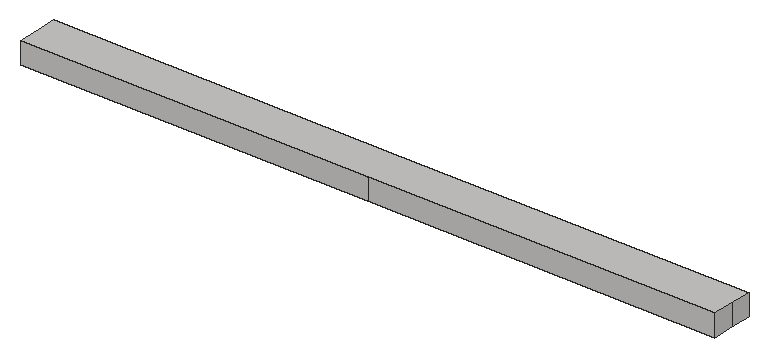
Revit family "Lighting_Wall-Mounted_Zero_Grid_Wall", category Lighting Fixtures, host Face, Revit 2020 (continued)
Definition of nested family "grid-ceiling-fencing"
  Lines and regions (mm)
    model lines, detail levels medium+fine
      curve 669: line (-83.521, 47.747, 97.697) -> (-131.539, -48.253, 97.697)
      curve 670: line (-95.521, 47.747, 97.697) -> (-143.539, -48.253, 97.697)
      curve 671: line (-107.521, 47.747, 97.697) -> (-155.539, -48.253, 97.697)
      curve 672: line (-119.521, 47.747, 97.697) -> (-167.539, -48.253, 97.697)
      curve 673: line (-131.521, 47.747, 97.697) -> (-179.539, -48.253, 97.697)
      curve 674: line (-143.521, 47.747, 97.697) -> (-191.539, -48.253, 97.697)
      curve 675: line (-155.521, 47.747, 97.697) -> (-203.539, -48.253, 97.697)
      curve 676: line (-167.521, 47.747, 97.697) -> (-215.539, -48.253, 97.697)
      curve 677: line (-179.521, 47.747, 97.697) -> (-227.539, -48.253, 97.697)
      curve 678: line (-191.521, 47.747, 97.697) -> (-239.539, -48.253, 97.697)
      curve 679: line (-203.521, 47.747, 97.697) -> (-251.539, -48.253, 97.697)
      curve 680: line (-215.521, 47.747, 97.697) -> (-263.539, -48.253, 97.697)
      curve 681: line (-227.521, 47.747, 97.697) -> (-275.539, -48.253, 97.697)
      curve 682: line (-239.521, 47.747, 97.697) -> (-287.539, -48.253, 97.697)
      curve 683: line (-251.521, 47.747, 97.697) -> (-299.539, -48.253, 97.697)
      curve 684: line (-263.521, 47.747, 97.697) -> (-311.539, -48.253, 97.697)
      curve 685: line (-275.521, 47.747, 97.697) -> (-323.539, -48.253, 97.697)
      curve 686: line (-287.521, 47.747, 97.697) -> (-335.539, -48.253, 97.697)
      curve 687: line (-299.521, 47.747, 97.697) -> (-347.539, -48.253, 97.697)
      curve 688: line (-311.521, 47.747, 97.697) -> (-359.539, -48.253, 97.697)
      curve 689: line (-323.521, 47.747, 97.697) -> (-371.539, -48.253, 97.697)
      curve 690: line (-335.521, 47.747, 97.697) -> (-383.539, -48.253, 97.697)
      curve 691: line (-347.521, 47.747, 97.697) -> (-395.539, -48.253, 97.697)
      curve 692: line (-359.521, 47.747, 97.697) -> (-407.539, -48.253, 97.697)
      curve 693: line (-371.521, 47.747, 97.697) -> (-419.539, -48.253, 97.697)
      curve 694: line (-383.521, 47.747, 97.697) -> (-431.539, -48.253, 97.697)
      curve 695: line (-395.521, 47.747, 97.697) -> (-443.539, -48.253, 97.697)
      curve 696: line (-407.521, 47.747, 97.697) -> (-455.539, -48.253, 97.697)
      curve 697: line (-419.521, 47.747, 97.697) -> (-467.539, -48.253, 97.697)
      curve 698: line (-431.521, 47.747, 97.697) -> (-479.539, -48.253, 97.697)
      curve 699: line (-443.521, 47.747, 97.697) -> (-491.539, -48.253, 97.697)
      curve 700: line (-455.521, 47.747, 97.697) -> (-503.539, -48.253, 97.697)
      curve 701: line (-467.521, 47.747, 97.697) -> (-515.539, -48.253, 97.697)
      curve 702: line (-479.521, 47.747, 97.697) -> (-527.539, -48.253, 97.697)
      curve 703: line (-491.521, 47.747, 97.697) -> (-539.539, -48.253, 97.697)
      curve 704: line (-503.521, 47.747, 97.697) -> (-551.539, -48.253, 97.697)
      curve 705: line (-515.521, 47.747, 97.697) -> (-563.539, -48.253, 97.697)
      curve 706: line (-527.521, 47.747, 97.697) -> (-575.539, -48.253, 97.697)
      curve 707: line (-539.521, 47.747, 97.697) -> (-587.539, -48.253, 97.697)
      curve 708: line (-551.521, 47.747, 97.697) -> (-599.539, -48.253, 97.697)
      curve 709: line (-563.521, 47.747, 97.697) -> (-611.539, -48.253, 97.697)
      curve 710: line (-575.521, 47.747, 97.697) -> (-623.539, -48.253, 97.697)
      curve 711: line (-587.521, 47.747, 97.697) -> (-625, -27.183, 97.697)
      curve 712: line (-599.521, 47.747, 97.697) -> (-625, -3.192, 97.697)
      curve 713: line (-611.521, 47.747, 97.697) -> (-625, 20.799, 97.697)
      curve 714: line (625, 47.747, 97.697) -> (-625.035, 47.747, 97.697)
      curve 715: line (-625.029, -48.253, 97.697) -> (625, -48.253, 97.697)
      curve 716: line (-624.473, 47.747, 97.697) -> (-576.455, -48.253, 97.697)
      curve 717: line (-624.994, 24.797, 97.697) -> (-588.455, -48.253, 97.697)
      curve 718: line (-624.994, 0.806, 97.697) -> (-600.455, -48.253, 97.697)
      curve 719: line (-624.994, -23.185, 97.697) -> (-612.455, -48.253, 97.697)
      curve 720: line (-612.473, 47.747, 97.697) -> (-564.455, -48.253, 97.697)
      curve 721: line (-600.473, 47.747, 97.697) -> (-552.455, -48.253, 97.697)
      curve 722: line (-588.473, 47.747, 97.697) -> (-540.455, -48.253, 97.697)
      curve 723: line (-576.473, 47.747, 97.697) -> (-528.455, -48.253, 97.697)
      curve 724: line (-564.473, 47.747, 97.697) -> (-516.455, -48.253, 97.697)
      curve 725: line (-552.473, 47.747, 97.697) -> (-504.455, -48.253, 97.697)
      curve 726: line (-540.473, 47.747, 97.697) -> (-492.455, -48.253, 97.697)
      curve 727: line (-528.473, 47.747, 97.697) -> (-480.455, -48.253, 97.697)
      curve 728: line (-516.473, 47.747, 97.697) -> (-468.455, -48.253, 97.697)
      curve 729: line (-504.473, 47.747, 97.697) -> (-456.455, -48.253, 97.697)
      curve 730: line (-492.473, 47.747, 97.697) -> (-444.455, -48.253, 97.697)
      curve 731: line (-480.473, 47.747, 97.697) -> (-432.455, -48.253, 97.697)
      curve 732: line (-468.473, 47.747, 97.697) -> (-420.455, -48.253, 97.697)
      curve 733: line (-456.473, 47.747, 97.697) -> (-408.455, -48.253, 97.697)
      curve 734: line (-444.473, 47.747, 97.697) -> (-396.455, -48.253, 97.697)
      curve 735: line (-432.473, 47.747, 97.697) -> (-384.455, -48.253, 97.697)
      curve 736: line (-420.473, 47.747, 97.697) -> (-372.455, -48.253, 97.697)
      curve 737: line (-408.473, 47.747, 97.697) -> (-360.455, -48.253, 97.697)
      curve 738: line (-396.473, 47.747, 97.697) -> (-348.455, -48.253, 97.697)
      curve 739: line (-384.473, 47.747, 97.697) -> (-336.455, -48.253, 97.697)
      curve 740: line (-372.473, 47.747, 97.697) -> (-324.455, -48.253, 97.697)
      curve 741: line (-360.473, 47.747, 97.697) -> (-312.455, -48.253, 97.697)
      curve 742: line (-348.473, 47.747, 97.697) -> (-300.455, -48.253, 97.697)
      curve 743: line (-336.473, 47.747, 97.697) -> (-288.455, -48.253, 97.697)
      curve 744: line (-324.473, 47.747, 97.697) -> (-276.455, -48.253, 97.697)
      curve 745: line (-312.473, 47.747, 97.697) -> (-264.455, -48.253, 97.697)
      curve 746: line (-300.473, 47.747, 97.697) -> (-252.455, -48.253, 97.697)
      curve 747: line (-288.473, 47.747, 97.697) -> (-240.455, -48.253, 97.697)
      curve 748: line (-276.473, 47.747, 97.697) -> (-228.455, -48.253, 97.697)
      curve 749: line (-264.473, 47.747, 97.697) -> (-216.455, -48.253, 97.697)
      curve 750: line (-252.473, 47.747, 97.697) -> (-204.455, -48.253, 97.697)
      curve 751: line (-240.473, 47.747, 97.697) -> (-192.455, -48.253, 97.697)
      curve 752: line (-228.473, 47.747, 97.697) -> (-180.455, -48.253, 97.697)
      curve 753: line (-216.473, 47.747, 97.697) -> (-168.455, -48.253, 97.697)
      curve 754: line (-204.473, 47.747, 97.697) -> (-156.455, -48.253, 97.697)
      curve 755: line (-192.473, 47.747, 97.697) -> (-144.455, -48.253, 97.697)
      curve 756: line (-180.473, 47.747, 97.697) -> (-132.455, -48.253, 97.697)
      curve 757: line (-168.473, 47.747, 97.697) -> (-120.455, -48.253, 97.697)
      curve 758: line (-156.473, 47.747, 97.697) -> (-108.455, -48.253, 97.697)
      curve 759: line (-144.473, 47.747, 97.697) -> (-96.455, -48.253, 97.697)
      curve 760: line (-132.473, 47.747, 97.697) -> (-84.455, -48.253, 97.697)
      curve 761: line (-120.473, 47.747, 97.697) -> (-72.455, -48.253, 97.697)
      curve 762: line (-108.473, 47.747, 97.697) -> (-60.455, -48.253, 97.697)
      curve 763: line (-96.473, 47.747, 97.697) -> (-48.455, -48.253, 97.697)
      curve 764: line (-84.473, 47.747, 97.697) -> (-36.455, -48.253, 97.697)
      curve 765: line (-72.473, 47.747, 97.697) -> (-24.455, -48.253, 97.697)
      curve 766: line (-60.473, 47.747, 97.697) -> (-12.455, -48.253, 97.697)
      curve 767: line (-48.473, 47.747, 97.697) -> (-0.455, -48.253, 97.697)
      curve 768: line (-36.473, 47.747, 97.697) -> (11.545, -48.253, 97.697)
      curve 769: line (-24.473, 47.747, 97.697) -> (23.545, -48.253, 97.697)
      curve 770: line (-12.473, 47.747, 97.697) -> (35.545, -48.253, 97.697)
      curve 771: line (-0.473, 47.747, 97.697) -> (47.545, -48.253, 97.697)
      curve 772: line (11.527, 47.747, 97.697) -> (59.545, -48.253, 97.697)
      curve 773: line (23.527, 47.747, 97.697) -> (71.545, -48.253, 97.697)
      curve 774: line (35.527, 47.747, 97.697) -> (83.545, -48.253, 97.697)
      curve 775: line (47.527, 47.747, 97.697) -> (95.545, -48.253, 97.697)
      curve 776: line (59.527, 47.747, 97.697) -> (107.545, -48.253, 97.697)
      curve 777: line (71.527, 47.747, 97.697) -> (119.545, -48.253, 97.697)
      curve 778: line (83.527, 47.747, 97.697) -> (131.545, -48.253, 97.697)
      curve 779: line (95.527, 47.747, 97.697) -> (143.545, -48.253, 97.697)
      curve 780: line (107.527, 47.747, 97.697) -> (155.545, -48.253, 97.697)
      curve 781: line (119.527, 47.747, 97.697) -> (167.545, -48.253, 97.697)
      curve 782: line (131.527, 47.747, 97.697) -> (179.545, -48.253, 97.697)
      curve 783: line (143.527, 47.747, 97.697) -> (191.545, -48.253, 97.697)
      curve 784: line (155.527, 47.747, 97.697) -> (203.545, -48.253, 97.697)
      curve 785: line (167.527, 47.747, 97.697) -> (215.545, -48.253, 97.697)
      curve 786: line (179.527, 47.747, 97.697) -> (227.545, -48.253, 97.697)
      curve 787: line (191.527, 47.747, 97.697) -> (239.545, -48.253, 97.697)
      curve 788: line (203.527, 47.747, 97.697) -> (251.545, -48.253, 97.697)
      curve 789: line (215.527, 47.747, 97.697) -> (263.545, -48.253, 97.697)
      curve 790: line (227.527, 47.747, 97.697) -> (275.545, -48.253, 97.697)
      curve 791: line (239.527, 47.747, 97.697) -> (287.545, -48.253, 97.697)
      curve 792: line (251.527, 47.747, 97.697) -> (299.545, -48.253, 97.697)
      curve 793: line (263.527, 47.747, 97.697) -> (311.545, -48.253, 97.697)
      curve 794: line (275.527, 47.747, 97.697) -> (323.545, -48.253, 97.697)
      curve 795: line (287.527, 47.747, 97.697) -> (335.545, -48.253, 97.697)
      curve 796: line (299.527, 47.747, 97.697) -> (347.545, -48.253, 97.697)
      curve 797: line (311.527, 47.747, 97.697) -> (359.545, -48.253, 97.697)
      curve 798: line (323.527, 47.747, 97.697) -> (371.545, -48.253, 97.697)
      curve 799: line (335.527, 47.747, 97.697) -> (383.545, -48.253, 97.697)
      curve 800: line (347.527, 47.747, 97.697) -> (395.545, -48.253, 97.697)
      curve 801: line (359.527, 47.747, 97.697) -> (407.545, -48.253, 97.697)
      curve 802: line (371.527, 47.747, 97.697) -> (419.545, -48.253, 97.697)
      curve 803: line (383.527, 47.747, 97.697) -> (431.545, -48.253, 97.697)
      curve 804: line (395.527, 47.747, 97.697) -> (443.545, -48.253, 97.697)
      curve 805: line (407.527, 47.747, 97.697) -> (455.545, -48.253, 97.697)
      curve 806: line (419.527, 47.747, 97.697) -> (467.545, -48.253, 97.697)
      curve 807: line (431.527, 47.747, 97.697) -> (479.545, -48.253, 97.697)
      curve 808: line (443.527, 47.747, 97.697) -> (491.545, -48.253, 97.697)
      curve 809: line (455.527, 47.747, 97.697) -> (503.545, -48.253, 97.697)
      curve 810: line (467.527, 47.747, 97.697) -> (515.545, -48.253, 97.697)
      curve 811: line (479.527, 47.747, 97.697) -> (527.545, -48.253, 97.697)
      curve 812: line (491.527, 47.747, 97.697) -> (539.545, -48.253, 97.697)
      curve 813: line (503.527, 47.747, 97.697) -> (551.545, -48.253, 97.697)
      curve 814: line (515.527, 47.747, 97.697) -> (563.545, -48.253, 97.697)
      curve 815: line (527.527, 47.747, 97.697) -> (575.545, -48.253, 97.697)
      curve 816: line (539.527, 47.747, 97.697) -> (587.545, -48.253, 97.697)
      curve 817: line (551.527, 47.747, 97.697) -> (599.545, -48.253, 97.697)
      curve 818: line (563.527, 47.747, 97.697) -> (611.545, -48.253, 97.697)
      curve 819: line (575.527, 47.747, 97.697) -> (623.545, -48.253, 97.697)
      curve 820: line (587.527, 47.747, 97.697) -> (625, -27.17, 97.697)
      curve 821: line (599.527, 47.747, 97.697) -> (625, -3.18, 97.697)
      curve 822: line (611.527, 47.747, 97.697) -> (625, 20.811, 97.697)
      curve 823: line (623.527, 47.747, 97.697) -> (625, 44.802, 97.697)
      curve 824: line (-625.035, 47.747, 97.697) -> (625, 47.747, 97.697)
      curve 825: line (625, -48.253, 97.697) -> (-625.029, -48.253, 97.697)
      curve 826: line (624.486, 47.747, 97.697) -> (576.468, -48.253, 97.697)
      curve 827: line (625, 24.785, 97.697) -> (588.468, -48.253, 97.697)
      curve 828: line (625, 0.794, 97.697) -> (600.468, -48.253, 97.697)
      curve 829: line (625, -23.197, 97.697) -> (612.468, -48.253, 97.697)
      curve 830: line (612.486, 47.747, 97.697) -> (564.468, -48.253, 97.697)
      curve 831: line (600.486, 47.747, 97.697) -> (552.468, -48.253, 97.697)
      curve 832: line (588.486, 47.747, 97.697) -> (540.468, -48.253, 97.697)
      curve 833: line (576.486, 47.747, 97.697) -> (528.468, -48.253, 97.697)
      curve 834: line (564.486, 47.747, 97.697) -> (516.468, -48.253, 97.697)
      curve 835: line (552.486, 47.747, 97.697) -> (504.468, -48.253, 97.697)
      curve 836: line (540.486, 47.747, 97.697) -> (492.468, -48.253, 97.697)
      curve 837: line (528.486, 47.747, 97.697) -> (480.468, -48.253, 97.697)
      curve 838: line (516.486, 47.747, 97.697) -> (468.468, -48.253, 97.697)
      curve 839: line (504.486, 47.747, 97.697) -> (456.468, -48.253, 97.697)
      curve 840: line (492.486, 47.747, 97.697) -> (444.468, -48.253, 97.697)
      curve 841: line (480.486, 47.747, 97.697) -> (432.468, -48.253, 97.697)
      curve 842: line (468.486, 47.747, 97.697) -> (420.468, -48.253, 97.697)
      curve 843: line (456.486, 47.747, 97.697) -> (408.468, -48.253, 97.697)
      curve 844: line (444.486, 47.747, 97.697) -> (396.468, -48.253, 97.697)
      curve 845: line (432.486, 47.747, 97.697) -> (384.468, -48.253, 97.697)
      curve 846: line (420.486, 47.747, 97.697) -> (372.468, -48.253, 97.697)
      curve 847: line (408.486, 47.747, 97.697) -> (360.468, -48.253, 97.697)
      curve 848: line (396.486, 47.747, 97.697) -> (348.468, -48.253, 97.697)
      curve 849: line (384.486, 47.747, 97.697) -> (336.468, -48.253, 97.697)
      curve 850: line (372.486, 47.747, 97.697) -> (324.468, -48.253, 97.697)
      curve 851: line (360.486, 47.747, 97.697) -> (312.468, -48.253, 97.697)
      curve 852: line (348.486, 47.747, 97.697) -> (300.468, -48.253, 97.697)
      curve 853: line (336.486, 47.747, 97.697) -> (288.468, -48.253, 97.697)
      curve 854: line (324.486, 47.747, 97.697) -> (276.468, -48.253, 97.697)
      curve 855: line (312.486, 47.747, 97.697) -> (264.468, -48.253, 97.697)
      curve 856: line (300.486, 47.747, 97.697) -> (252.468, -48.253, 97.697)
      curve 857: line (288.486, 47.747, 97.697) -> (240.468, -48.253, 97.697)
      curve 858: line (276.486, 47.747, 97.697) -> (228.468, -48.253, 97.697)
      curve 859: line (264.486, 47.747, 97.697) -> (216.468, -48.253, 97.697)
      curve 860: line (252.486, 47.747, 97.697) -> (204.468, -48.253, 97.697)
      curve 861: line (240.486, 47.747, 97.697) -> (192.468, -48.253, 97.697)
      curve 862: line (228.486, 47.747, 97.697) -> (180.468, -48.253, 97.697)
      curve 863: line (216.486, 47.747, 97.697) -> (168.468, -48.253, 97.697)
      curve 864: line (204.486, 47.747, 97.697) -> (156.468, -48.253, 97.697)
      curve 865: line (192.486, 47.747, 97.697) -> (144.468, -48.253, 97.697)
      curve 866: line (180.486, 47.747, 97.697) -> (132.468, -48.253, 97.697)
      curve 867: line (168.486, 47.747, 97.697) -> (120.468, -48.253, 97.697)
      curve 868: line (156.486, 47.747, 97.697) -> (108.468, -48.253, 97.697)
      curve 869: line (144.486, 47.747, 97.697) -> (96.468, -48.253, 97.697)
      curve 870: line (132.486, 47.747, 97.697) -> (84.468, -48.253, 97.697)
      curve 871: line (120.486, 47.747, 97.697) -> (72.468, -48.253, 97.697)
      curve 872: line (108.486, 47.747, 97.697) -> (60.468, -48.253, 97.697)
      curve 873: line (96.486, 47.747, 97.697) -> (48.468, -48.253, 97.697)
      curve 874: line (84.486, 47.747, 97.697) -> (36.468, -48.253, 97.697)
      curve 875: line (72.486, 47.747, 97.697) -> (24.468, -48.253, 97.697)
      curve 876: line (60.486, 47.747, 97.697) -> (12.468, -48.253, 97.697)
      curve 877: line (48.486, 47.747, 97.697) -> (0.468, -48.253, 97.697)
      curve 878: line (36.486, 47.747, 97.697) -> (-11.532, -48.253, 97.697)
      curve 879: line (24.486, 47.747, 97.697) -> (-23.532, -48.253, 97.697)
      curve 880: line (12.486, 47.747, 97.697) -> (-35.532, -48.253, 97.697)
      curve 881: line (0.486, 47.747, 97.697) -> (-47.532, -48.253, 97.697)
      curve 882: line (-11.514, 47.747, 97.697) -> (-59.532, -48.253, 97.697)
      curve 883: line (-23.514, 47.747, 97.697) -> (-71.532, -48.253, 97.697)
      curve 884: line (-35.514, 47.747, 97.697) -> (-83.532, -48.253, 97.697)
      curve 885: line (-47.514, 47.747, 97.697) -> (-95.532, -48.253, 97.697)
      curve 886: line (-59.514, 47.747, 97.697) -> (-107.532, -48.253, 97.697)
      curve 887: line (-71.514, 47.747, 97.697) -> (-119.532, -48.253, 97.697)
      curve 888: line (-83.514, 47.747, 97.697) -> (-131.532, -48.253, 97.697)
      curve 889: line (-95.514, 47.747, 97.697) -> (-143.532, -48.253, 97.697)
      curve 890: line (-107.514, 47.747, 97.697) -> (-155.532, -48.253, 97.697)
      curve 891: line (-119.514, 47.747, 97.697) -> (-167.532, -48.253, 97.697)
      curve 892: line (-131.514, 47.747, 97.697) -> (-179.532, -48.253, 97.697)
      curve 893: line (-143.514, 47.747, 97.697) -> (-191.532, -48.253, 97.697)
      curve 894: line (-155.514, 47.747, 97.697) -> (-203.532, -48.253, 97.697)
      curve 895: line (-167.514, 47.747, 97.697) -> (-215.532, -48.253, 97.697)
      curve 896: line (-179.514, 47.747, 97.697) -> (-227.532, -48.253, 97.697)
      curve 897: line (-191.514, 47.747, 97.697) -> (-239.532, -48.253, 97.697)
      curve 898: line (-203.514, 47.747, 97.697) -> (-251.532, -48.253, 97.697)
      curve 899: line (-215.514, 47.747, 97.697) -> (-263.532, -48.253, 97.697)
      curve 900: line (-227.514, 47.747, 97.697) -> (-275.532, -48.253, 97.697)
      curve 901: line (-239.514, 47.747, 97.697) -> (-287.532, -48.253, 97.697)
      curve 902: line (-251.514, 47.747, 97.697) -> (-299.532, -48.253, 97.697)
      curve 903: line (-263.514, 47.747, 97.697) -> (-311.532, -48.253, 97.697)
      curve 904: line (-275.514, 47.747, 97.697) -> (-323.532, -48.253, 97.697)
      curve 905: line (-287.514, 47.747, 97.697) -> (-335.532, -48.253, 97.697)
      curve 906: line (-299.514, 47.747, 97.697) -> (-347.532, -48.253, 97.697)
      curve 907: line (-311.514, 47.747, 97.697) -> (-359.532, -48.253, 97.697)
      curve 908: line (-323.514, 47.747, 97.697) -> (-371.532, -48.253, 97.697)
      curve 909: line (-335.514, 47.747, 97.697) -> (-383.532, -48.253, 97.697)
      curve 910: line (-347.514, 47.747, 97.697) -> (-395.532, -48.253, 97.697)
      curve 911: line (-359.514, 47.747, 97.697) -> (-407.532, -48.253, 97.697)
      curve 912: line (-371.514, 47.747, 97.697) -> (-419.532, -48.253, 97.697)
      curve 913: line (-383.514, 47.747, 97.697) -> (-431.532, -48.253, 97.697)
      curve 914: line (-395.514, 47.747, 97.697) -> (-443.532, -48.253, 97.697)
      curve 915: line (-407.514, 47.747, 97.697) -> (-455.532, -48.253, 97.697)
      curve 916: line (-419.514, 47.747, 97.697) -> (-467.532, -48.253, 97.697)
      curve 917: line (-431.514, 47.747, 97.697) -> (-479.532, -48.253, 97.697)
      curve 918: line (-443.514, 47.747, 97.697) -> (-491.532, -48.253, 97.697)
      curve 919: line (-455.514, 47.747, 97.697) -> (-503.532, -48.253, 97.697)
      curve 920: line (-467.514, 47.747, 97.697) -> (-515.532, -48.253, 97.697)
      curve 921: line (-479.514, 47.747, 97.697) -> (-527.532, -48.253, 97.697)
      curve 922: line (-491.514, 47.747, 97.697) -> (-539.532, -48.253, 97.697)
      curve 923: line (-503.514, 47.747, 97.697) -> (-551.532, -48.253, 97.697)
      curve 924: line (-515.514, 47.747, 97.697) -> (-563.532, -48.253, 97.697)
      curve 925: line (-527.514, 47.747, 97.697) -> (-575.532, -48.253, 97.697)
      curve 926: line (-539.514, 47.747, 97.697) -> (-587.532, -48.253, 97.697)
      curve 927: line (-551.514, 47.747, 97.697) -> (-599.532, -48.253, 97.697)
      curve 928: line (-563.514, 47.747, 97.697) -> (-611.532, -48.253, 97.697)
      curve 929: line (-575.514, 47.747, 97.697) -> (-623.532, -48.253, 97.697)
      curve 930: line (-587.514, 47.747, 97.697) -> (-624.994, -27.183, 97.697)
      curve 931: line (-599.514, 47.747, 97.697) -> (-624.994, -3.192, 97.697)
      curve 932: line (-623.514, 47.747, 97.697) -> (-624.994, 44.79, 97.697)
      curve 933: line (-625.035, -48.253, 97.697) -> (-625.035, 46.709, 97.697)
      curve 934: line (625, -48.253, 97.697) -> (625, 46.709, 97.697)
      curve 935: line (625, 47.747, 97.697) -> (-625.035, 47.747, 97.697)
      curve 936: line (-625.035, 47.747, 97.697) -> (-625.035, 47.747, 96.849)
      curve 937: line (-625.035, 47.747, 0) -> (625, 47.747, 0)
      curve 938: line (625, 47.747, 0) -> (625, 47.747, 0.849)
      curve 939: line (625, 47.747, 0.849) -> (625, 47.747, 96.849)
      curve 940: line (625, 47.747, 96.849) -> (625, 47.747, 97.697)
      curve 941: line (-624.9, 47.747, 97.697) -> (-576.461, 47.747, 0)
      curve 942: line (-612.9, 47.747, 97.697) -> (-564.461, 47.747, 0)
      curve 943: line (-600.9, 47.747, 97.697) -> (-552.461, 47.747, 0)
      curve 944: line (-588.9, 47.747, 97.697) -> (-540.461, 47.747, 0)
      curve 945: line (-576.9, 47.747, 97.697) -> (-528.461, 47.747, 0)
      curve 946: line (-564.9, 47.747, 97.697) -> (-516.461, 47.747, 0)
      curve 947: line (-552.9, 47.747, 97.697) -> (-504.461, 47.747, 0)
      curve 948: line (-540.9, 47.747, 97.697) -> (-492.461, 47.747, 0)
      curve 949: line (-528.9, 47.747, 97.697) -> (-480.461, 47.747, 0)
      curve 950: line (-516.9, 47.747, 97.697) -> (-468.461, 47.747, 0)
      curve 951: line (-504.9, 47.747, 97.697) -> (-456.461, 47.747, 0)
      curve 952: line (-492.9, 47.747, 97.697) -> (-444.461, 47.747, 0)
      curve 953: line (-480.9, 47.747, 97.697) -> (-432.461, 47.747, 0)
      curve 954: line (-468.9, 47.747, 97.697) -> (-420.461, 47.747, 0)
      curve 955: line (-456.9, 47.747, 97.697) -> (-408.461, 47.747, 0)
      curve 956: line (-444.9, 47.747, 97.697) -> (-396.461, 47.747, 0)
      curve 957: line (-432.9, 47.747, 97.697) -> (-384.461, 47.747, 0)
      curve 958: line (-420.9, 47.747, 97.697) -> (-372.461, 47.747, 0)
      curve 959: line (-408.9, 47.747, 97.697) -> (-360.461, 47.747, 0)
      curve 960: line (-396.9, 47.747, 97.697) -> (-348.461, 47.747, 0)
      curve 961: line (-384.9, 47.747, 97.697) -> (-336.461, 47.747, 0)
      curve 962: line (-372.9, 47.747, 97.697) -> (-324.461, 47.747, 0)
      curve 963: line (-360.9, 47.747, 97.697) -> (-312.461, 47.747, 0)
      curve 964: line (-348.9, 47.747, 97.697) -> (-300.461, 47.747, 0)
      curve 965: line (-336.9, 47.747, 97.697) -> (-288.461, 47.747, 0)
      curve 966: line (-324.9, 47.747, 97.697) -> (-276.461, 47.747, 0)
      curve 967: line (-312.9, 47.747, 97.697) -> (-264.461, 47.747, 0)
      curve 968: line (-300.9, 47.747, 97.697) -> (-252.461, 47.747, 0)
      curve 969: line (-288.9, 47.747, 97.697) -> (-240.461, 47.747, 0)
      curve 970: line (-276.9, 47.747, 97.697) -> (-228.461, 47.747, 0)
      curve 971: line (-264.9, 47.747, 97.697) -> (-216.461, 47.747, 0)
      curve 972: line (-252.9, 47.747, 97.697) -> (-204.461, 47.747, 0)
      curve 973: line (-240.9, 47.747, 97.697) -> (-192.461, 47.747, 0)
      curve 974: line (-228.9, 47.747, 97.697) -> (-180.461, 47.747, 0)
      curve 975: line (-216.9, 47.747, 97.697) -> (-168.461, 47.747, 0)
      curve 976: line (-204.9, 47.747, 97.697) -> (-156.461, 47.747, 0)
      curve 977: line (-192.9, 47.747, 97.697) -> (-144.461, 47.747, 0)
      curve 978: line (-180.9, 47.747, 97.697) -> (-132.461, 47.747, 0)
      curve 979: line (-168.9, 47.747, 97.697) -> (-120.461, 47.747, 0)
      curve 980: line (-156.9, 47.747, 97.697) -> (-108.461, 47.747, 0)
      curve 981: line (-144.9, 47.747, 97.697) -> (-96.461, 47.747, 0)
      curve 982: line (-132.9, 47.747, 97.697) -> (-84.461, 47.747, 0)
      curve 983: line (-120.9, 47.747, 97.697) -> (-72.461, 47.747, 0)
      curve 984: line (-108.9, 47.747, 97.697) -> (-60.461, 47.747, 0)
      curve 985: line (-96.9, 47.747, 97.697) -> (-48.461, 47.747, 0)
      curve 986: line (-84.9, 47.747, 97.697) -> (-36.461, 47.747, 0)
      curve 987: line (-72.9, 47.747, 97.697) -> (-24.461, 47.747, 0)
      curve 988: line (-60.9, 47.747, 97.697) -> (-12.461, 47.747, 0)
      curve 989: line (-48.9, 47.747, 97.697) -> (-0.461, 47.747, 0)
      curve 990: line (-36.9, 47.747, 97.697) -> (11.539, 47.747, 0)
      curve 991: line (-24.9, 47.747, 97.697) -> (23.539, 47.747, 0)
      curve 992: line (-12.9, 47.747, 97.697) -> (35.539, 47.747, 0)
      curve 993: line (-0.9, 47.747, 97.697) -> (47.539, 47.747, 0)
      curve 994: line (11.1, 47.747, 97.697) -> (59.539, 47.747, 0)
      curve 995: line (23.1, 47.747, 97.697) -> (71.539, 47.747, 0)
      curve 996: line (35.1, 47.747, 97.697) -> (83.539, 47.747, 0)
      curve 997: line (47.1, 47.747, 97.697) -> (95.539, 47.747, 0)
      curve 998: line (59.1, 47.747, 97.697) -> (107.539, 47.747, 0)
      curve 999: line (71.1, 47.747, 97.697) -> (119.539, 47.747, 0)
      curve 1000: line (83.1, 47.747, 97.697) -> (131.539, 47.747, 0)
      curve 1001: line (95.1, 47.747, 97.697) -> (143.539, 47.747, 0)
      curve 1002: line (107.1, 47.747, 97.697) -> (155.539, 47.747, 0)
      curve 1003: line (119.1, 47.747, 97.697) -> (167.539, 47.747, 0)
      curve 1004: line (131.1, 47.747, 97.697) -> (179.539, 47.747, 0)
      curve 1005: line (143.1, 47.747, 97.697) -> (191.539, 47.747, 0)
      curve 1006: line (155.1, 47.747, 97.697) -> (203.539, 47.747, 0)
      curve 1007: line (167.1, 47.747, 97.697) -> (215.539, 47.747, 0)
      curve 1008: line (179.1, 47.747, 97.697) -> (227.539, 47.747, 0)
      curve 1009: line (191.1, 47.747, 97.697) -> (239.539, 47.747, 0)
      curve 1010: line (203.1, 47.747, 97.697) -> (251.539, 47.747, 0)
      curve 1011: line (215.1, 47.747, 97.697) -> (263.539, 47.747, 0)
      curve 1012: line (227.1, 47.747, 97.697) -> (275.539, 47.747, 0)
      curve 1013: line (239.1, 47.747, 97.697) -> (287.539, 47.747, 0)
      curve 1014: line (251.1, 47.747, 97.697) -> (299.539, 47.747, 0)
      curve 1015: line (263.1, 47.747, 97.697) -> (311.539, 47.747, 0)
      curve 1016: line (275.1, 47.747, 97.697) -> (323.539, 47.747, 0)
      curve 1017: line (287.1, 47.747, 97.697) -> (335.539, 47.747, 0)
      curve 1018: line (299.1, 47.747, 97.697) -> (347.539, 47.747, 0)
      curve 1019: line (311.1, 47.747, 97.697) -> (359.539, 47.747, 0)
      curve 1020: line (323.1, 47.747, 97.697) -> (371.539, 47.747, 0)
      curve 1021: line (335.1, 47.747, 97.697) -> (383.539, 47.747, 0)
      curve 1022: line (347.1, 47.747, 97.697) -> (395.539, 47.747, 0)
      curve 1023: line (359.1, 47.747, 97.697) -> (407.539, 47.747, 0)
      curve 1024: line (371.1, 47.747, 97.697) -> (419.539, 47.747, 0)
      curve 1025: line (383.1, 47.747, 97.697) -> (431.539, 47.747, 0)
      curve 1026: line (395.1, 47.747, 97.697) -> (443.539, 47.747, 0)
      curve 1027: line (407.1, 47.747, 97.697) -> (455.539, 47.747, 0)
      curve 1028: line (419.1, 47.747, 97.697) -> (467.539, 47.747, 0)
      curve 1029: line (431.1, 47.747, 97.697) -> (479.539, 47.747, 0)
      curve 1030: line (443.1, 47.747, 97.697) -> (491.539, 47.747, 0)
      curve 1031: line (455.1, 47.747, 97.697) -> (503.539, 47.747, 0)
      curve 1032: line (467.1, 47.747, 97.697) -> (515.539, 47.747, 0)
      curve 1033: line (479.1, 47.747, 97.697) -> (527.539, 47.747, 0)
      curve 1034: line (491.1, 47.747, 97.697) -> (539.539, 47.747, 0)
      curve 1035: line (503.1, 47.747, 97.697) -> (551.539, 47.747, 0)
      curve 1036: line (515.1, 47.747, 97.697) -> (563.539, 47.747, 0)
      curve 1037: line (527.1, 47.747, 97.697) -> (575.539, 47.747, 0)
      curve 1038: line (539.1, 47.747, 97.697) -> (587.539, 47.747, 0)
      curve 1039: line (551.1, 47.747, 97.697) -> (599.539, 47.747, 0)
      curve 1040: line (563.1, 47.747, 97.697) -> (611.539, 47.747, 0)
      curve 1041: line (575.1, 47.747, 97.697) -> (623.539, 47.747, 0)
      curve 1042: line (587.1, 47.747, 97.697) -> (625, 47.747, 21.256)
      curve 1043: line (599.1, 47.747, 97.697) -> (625, 47.747, 45.459)
      curve 1044: line (611.1, 47.747, 97.697) -> (625, 47.747, 69.662)
      curve 1045: line (624.9, 47.747, 97.697) -> (576.461, 47.747, 0)
      curve 1046: line (612.9, 47.747, 97.697) -> (564.461, 47.747, 0)
      curve 1047: line (600.9, 47.747, 97.697) -> (552.461, 47.747, 0)
      curve 1048: line (588.9, 47.747, 97.697) -> (540.461, 47.747, 0)
      curve 1049: line (576.9, 47.747, 97.697) -> (528.461, 47.747, 0)
      curve 1050: line (564.9, 47.747, 97.697) -> (516.461, 47.747, 0)
      curve 1051: line (552.9, 47.747, 97.697) -> (504.461, 47.747, 0)
      curve 1052: line (540.9, 47.747, 97.697) -> (492.461, 47.747, 0)
      curve 1053: line (528.9, 47.747, 97.697) -> (480.461, 47.747, 0)
      curve 1054: line (516.9, 47.747, 97.697) -> (468.461, 47.747, 0)
      curve 1055: line (504.9, 47.747, 97.697) -> (456.461, 47.747, 0)
      curve 1056: line (492.9, 47.747, 97.697) -> (444.461, 47.747, 0)
      curve 1057: line (480.9, 47.747, 97.697) -> (432.461, 47.747, 0)
      curve 1058: line (468.9, 47.747, 97.697) -> (420.461, 47.747, 0)
      curve 1059: line (456.9, 47.747, 97.697) -> (408.461, 47.747, 0)
      curve 1060: line (444.9, 47.747, 97.697) -> (396.461, 47.747, 0)
      curve 1061: line (432.9, 47.747, 97.697) -> (384.461, 47.747, 0)
      curve 1062: line (420.9, 47.747, 97.697) -> (372.461, 47.747, 0)
      curve 1063: line (408.9, 47.747, 97.697) -> (360.461, 47.747, 0)
      curve 1064: line (396.9, 47.747, 97.697) -> (348.461, 47.747, 0)
      curve 1065: line (384.9, 47.747, 97.697) -> (336.461, 47.747, 0)
      curve 1066: line (372.9, 47.747, 97.697) -> (324.461, 47.747, 0)
      curve 1067: line (360.9, 47.747, 97.697) -> (312.461, 47.747, 0)
      curve 1068: line (348.9, 47.747, 97.697) -> (300.461, 47.747, 0)
      curve 1069: line (336.9, 47.747, 97.697) -> (288.461, 47.747, 0)
      curve 1070: line (324.9, 47.747, 97.697) -> (276.461, 47.747, 0)
      curve 1071: line (312.9, 47.747, 97.697) -> (264.461, 47.747, 0)
      curve 1072: line (300.9, 47.747, 97.697) -> (252.461, 47.747, 0)
      curve 1073: line (288.9, 47.747, 97.697) -> (240.461, 47.747, 0)
      curve 1074: line (276.9, 47.747, 97.697) -> (228.461, 47.747, 0)
      curve 1075: line (264.9, 47.747, 97.697) -> (216.461, 47.747, 0)
      curve 1076: line (252.9, 47.747, 97.697) -> (204.461, 47.747, 0)
      curve 1077: line (240.9, 47.747, 97.697) -> (192.461, 47.747, 0)
      curve 1078: line (228.9, 47.747, 97.697) -> (180.461, 47.747, 0)
      curve 1079: line (216.9, 47.747, 97.697) -> (168.461, 47.747, 0)
      curve 1080: line (204.9, 47.747, 97.697) -> (156.461, 47.747, 0)
      curve 1081: line (192.9, 47.747, 97.697) -> (144.461, 47.747, 0)
      curve 1082: line (180.9, 47.747, 97.697) -> (132.461, 47.747, 0)
      curve 1083: line (168.9, 47.747, 97.697) -> (120.461, 47.747, 0)
      curve 1084: line (156.9, 47.747, 97.697) -> (108.461, 47.747, 0)
      curve 1085: line (144.9, 47.747, 97.697) -> (96.461, 47.747, 0)
      curve 1086: line (132.9, 47.747, 97.697) -> (84.461, 47.747, 0)
      curve 1087: line (120.9, 47.747, 97.697) -> (72.461, 47.747, 0)
      curve 1088: line (108.9, 47.747, 97.697) -> (60.461, 47.747, 0)
      curve 1089: line (96.9, 47.747, 97.697) -> (48.461, 47.747, 0)
      curve 1090: line (84.9, 47.747, 97.697) -> (36.461, 47.747, 0)
      curve 1091: line (72.9, 47.747, 97.697) -> (24.461, 47.747, 0)
      curve 1092: line (60.9, 47.747, 97.697) -> (12.461, 47.747, 0)
      curve 1093: line (48.9, 47.747, 97.697) -> (0.461, 47.747, 0)
      curve 1094: line (36.9, 47.747, 97.697) -> (-11.539, 47.747, 0)
      curve 1095: line (24.9, 47.747, 97.697) -> (-23.539, 47.747, 0)
      curve 1096: line (12.9, 47.747, 97.697) -> (-35.539, 47.747, 0)
      curve 1097: line (0.9, 47.747, 97.697) -> (-47.539, 47.747, 0)
      curve 1098: line (-11.1, 47.747, 97.697) -> (-59.539, 47.747, 0)
      curve 1099: line (-23.1, 47.747, 97.697) -> (-71.539, 47.747, 0)
      curve 1100: line (-35.1, 47.747, 97.697) -> (-83.539, 47.747, 0)
      curve 1101: line (-47.1, 47.747, 97.697) -> (-95.539, 47.747, 0)
      curve 1102: line (-59.1, 47.747, 97.697) -> (-107.539, 47.747, 0)
      curve 1103: line (-71.1, 47.747, 97.697) -> (-119.539, 47.747, 0)
      curve 1104: line (-83.1, 47.747, 97.697) -> (-131.539, 47.747, 0)
      curve 1105: line (-95.1, 47.747, 97.697) -> (-143.539, 47.747, 0)
      curve 1106: line (-107.1, 47.747, 97.697) -> (-155.539, 47.747, 0)
      curve 1107: line (-119.1, 47.747, 97.697) -> (-167.539, 47.747, 0)
      curve 1108: line (-131.1, 47.747, 97.697) -> (-179.539, 47.747, 0)
      curve 1109: line (-143.1, 47.747, 97.697) -> (-191.539, 47.747, 0)
      curve 1110: line (-155.1, 47.747, 97.697) -> (-203.539, 47.747, 0)
      curve 1111: line (-167.1, 47.747, 97.697) -> (-215.539, 47.747, 0)
      curve 1112: line (-179.1, 47.747, 97.697) -> (-227.539, 47.747, 0)
      curve 1113: line (-191.1, 47.747, 97.697) -> (-239.539, 47.747, 0)
      curve 1114: line (-203.1, 47.747, 97.697) -> (-251.539, 47.747, 0)
      curve 1115: line (-215.1, 47.747, 97.697) -> (-263.539, 47.747, 0)
      curve 1116: line (-227.1, 47.747, 97.697) -> (-275.539, 47.747, 0)
      curve 1117: line (-239.1, 47.747, 97.697) -> (-287.539, 47.747, 0)
      curve 1118: line (-251.1, 47.747, 97.697) -> (-299.539, 47.747, 0)
      curve 1119: line (-263.1, 47.747, 97.697) -> (-311.539, 47.747, 0)
      curve 1120: line (-275.1, 47.747, 97.697) -> (-323.539, 47.747, 0)
      curve 1121: line (-287.1, 47.747, 97.697) -> (-335.539, 47.747, 0)
      curve 1122: line (-299.1, 47.747, 97.697) -> (-347.539, 47.747, 0)
      curve 1123: line (-311.1, 47.747, 97.697) -> (-359.539, 47.747, 0)
      curve 1124: line (-323.1, 47.747, 97.697) -> (-371.539, 47.747, 0)
      curve 1125: line (-335.1, 47.747, 97.697) -> (-383.539, 47.747, 0)
      curve 1126: line (-347.1, 47.747, 97.697) -> (-395.539, 47.747, 0)
      curve 1127: line (-359.1, 47.747, 97.697) -> (-407.539, 47.747, 0)
      curve 1128: line (-371.1, 47.747, 97.697) -> (-419.539, 47.747, 0)
      curve 1129: line (-383.1, 47.747, 97.697) -> (-431.539, 47.747, 0)
      curve 1130: line (-395.1, 47.747, 97.697) -> (-443.539, 47.747, 0)
      curve 1131: line (-407.1, 47.747, 97.697) -> (-455.539, 47.747, 0)
      curve 1132: line (-419.1, 47.747, 97.697) -> (-467.539, 47.747, 0)
      curve 1133: line (-431.1, 47.747, 97.697) -> (-479.539, 47.747, 0)
      curve 1134: line (-443.1, 47.747, 97.697) -> (-491.539, 47.747, 0)
      curve 1135: line (-455.1, 47.747, 97.697) -> (-503.539, 47.747, 0)
      curve 1136: line (-467.1, 47.747, 97.697) -> (-515.539, 47.747, 0)
      curve 1137: line (-479.1, 47.747, 97.697) -> (-527.539, 47.747, 0)
      curve 1138: line (-491.1, 47.747, 97.697) -> (-539.539, 47.747, 0)
      curve 1139: line (-503.1, 47.747, 97.697) -> (-551.539, 47.747, 0)
      curve 1140: line (-515.1, 47.747, 97.697) -> (-563.539, 47.747, 0)
      curve 1141: line (-527.1, 47.747, 97.697) -> (-575.539, 47.747, 0)
      curve 1142: line (-539.1, 47.747, 97.697) -> (-587.539, 47.747, 0)
      curve 1143: line (-551.1, 47.747, 97.697) -> (-599.539, 47.747, 0)
      curve 1144: line (-563.1, 47.747, 97.697) -> (-611.539, 47.747, 0)
      curve 1145: line (-575.1, 47.747, 97.697) -> (-623.539, 47.747, 0)
      curve 1146: line (-587.1, 47.747, 97.697) -> (-625.029, 47.747, 21.198)
      curve 1147: line (-599.1, 47.747, 97.697) -> (-625.029, 47.747, 45.402)
      curve 1148: line (-611.1, 47.747, 97.697) -> (-625.029, 47.747, 69.605)
      curve 1149: line (-625.029, 47.747, 73.754) -> (-588.461, 47.747, 0)
      curve 1150: line (-625.029, 47.747, 49.55) -> (-600.461, 47.747, 0)
      curve 1151: line (-625.029, 47.747, 25.347) -> (-612.461, 47.747, 0)
      curve 1152: line (625, 47.747, 73.696) -> (588.461, 47.747, 0)
      curve 1153: line (625, 47.747, 49.493) -> (600.461, 47.747, 0)
      curve 1154: line (625, 47.747, 25.29) -> (612.461, 47.747, 0)
      curve 1155: line (-625.035, 47.747, 97.697) -> (625, 47.747, 97.697)
      curve 1156: line (625, -48.253, 97.697) -> (-625.035, -48.253, 97.697)
      curve 1157: line (-625.035, -48.253, 97.697) -> (-625.035, -48.253, 96.849)
      curve 1158: line (-625.035, -48.253, 0.849) -> (-625.035, -48.253, 0)
      curve 1159: line (-625.035, -48.253, 0) -> (625, -48.253, 0)
      curve 1160: line (625, -48.253, 0) -> (625, -48.253, 0.849)
      curve 1161: line (625, -48.253, 0.849) -> (625, -48.253, 96.849)
      curve 1162: line (625, -48.253, 96.849) -> (625, -48.253, 97.697)
      curve 1163: line (-624.9, -48.253, 97.697) -> (-576.461, -48.253, 0)
      curve 1164: line (-612.9, -48.253, 97.697) -> (-564.461, -48.253, 0)
      curve 1165: line (-600.9, -48.253, 97.697) -> (-552.461, -48.253, 0)
      curve 1166: line (-588.9, -48.253, 97.697) -> (-540.461, -48.253, 0)
      curve 1167: line (-576.9, -48.253, 97.697) -> (-528.461, -48.253, 0)
      curve 1168: line (-564.9, -48.253, 97.697) -> (-516.461, -48.253, 0)
      curve 1169: line (-552.9, -48.253, 97.697) -> (-504.461, -48.253, 0)
      curve 1170: line (-540.9, -48.253, 97.697) -> (-492.461, -48.253, 0)
      curve 1171: line (-528.9, -48.253, 97.697) -> (-480.461, -48.253, 0)
      curve 1172: line (-516.9, -48.253, 97.697) -> (-468.461, -48.253, 0)
      curve 1173: line (-504.9, -48.253, 97.697) -> (-456.461, -48.253, 0)
      curve 1174: line (-492.9, -48.253, 97.697) -> (-444.461, -48.253, 0)
      curve 1175: line (-480.9, -48.253, 97.697) -> (-432.461, -48.253, 0)
      curve 1176: line (-468.9, -48.253, 97.697) -> (-420.461, -48.253, 0)
      curve 1177: line (-456.9, -48.253, 97.697) -> (-408.461, -48.253, 0)
      curve 1178: line (-444.9, -48.253, 97.697) -> (-396.461, -48.253, 0)
      curve 1179: line (-432.9, -48.253, 97.697) -> (-384.461, -48.253, 0)
      curve 1180: line (-420.9, -48.253, 97.697) -> (-372.461, -48.253, 0)
      curve 1181: line (-408.9, -48.253, 97.697) -> (-360.461, -48.253, 0)
      curve 1182: line (-396.9, -48.253, 97.697) -> (-348.461, -48.253, 0)
      curve 1183: line (-384.9, -48.253, 97.697) -> (-336.461, -48.253, 0)
      curve 1184: line (-372.9, -48.253, 97.697) -> (-324.461, -48.253, 0)
      curve 1185: line (-360.9, -48.253, 97.697) -> (-312.461, -48.253, 0)
      curve 1186: line (-348.9, -48.253, 97.697) -> (-300.461, -48.253, 0)
      curve 1187: line (-336.9, -48.253, 97.697) -> (-288.461, -48.253, 0)
      curve 1188: line (-324.9, -48.253, 97.697) -> (-276.461, -48.253, 0)
      curve 1189: line (-312.9, -48.253, 97.697) -> (-264.461, -48.253, 0)
      curve 1190: line (-300.9, -48.253, 97.697) -> (-252.461, -48.253, 0)
      curve 1191: line (-288.9, -48.253, 97.697) -> (-240.461, -48.253, 0)
      curve 1192: line (-276.9, -48.253, 97.697) -> (-228.461, -48.253, 0)
      curve 1193: line (-264.9, -48.253, 97.697) -> (-216.461, -48.253, 0)
      curve 1194: line (-252.9, -48.253, 97.697) -> (-204.461, -48.253, 0)
      curve 1195: line (-240.9, -48.253, 97.697) -> (-192.461, -48.253, 0)
      curve 1196: line (-228.9, -48.253, 97.697) -> (-180.461, -48.253, 0)
      curve 1197: line (-216.9, -48.253, 97.697) -> (-168.461, -48.253, 0)
      curve 1198: line (-204.9, -48.253, 97.697) -> (-156.461, -48.253, 0)
      curve 1199: line (-192.9, -48.253, 97.697) -> (-144.461, -48.253, 0)
      curve 1200: line (-180.9, -48.253, 97.697) -> (-132.461, -48.253, 0)
      curve 1201: line (-168.9, -48.253, 97.697) -> (-120.461, -48.253, 0)
      curve 1202: line (-156.9, -48.253, 97.697) -> (-108.461, -48.253, 0)
      curve 1203: line (-144.9, -48.253, 97.697) -> (-96.461, -48.253, 0)
      curve 1204: line (-132.9, -48.253, 97.697) -> (-84.461, -48.253, 0)
      curve 1205: line (-120.9, -48.253, 97.697) -> (-72.461, -48.253, 0)
      curve 1206: line (-108.9, -48.253, 97.697) -> (-60.461, -48.253, 0)
      curve 1207: line (-96.9, -48.253, 97.697) -> (-48.461, -48.253, 0)
      curve 1208: line (-84.9, -48.253, 97.697) -> (-36.461, -48.253, 0)
      curve 1209: line (-72.9, -48.253, 97.697) -> (-24.461, -48.253, 0)
      curve 1210: line (-60.9, -48.253, 97.697) -> (-12.461, -48.253, 0)
      curve 1211: line (-48.9, -48.253, 97.697) -> (-0.461, -48.253, 0)
      curve 1212: line (-36.9, -48.253, 97.697) -> (11.539, -48.253, 0)
      curve 1213: line (-24.9, -48.253, 97.697) -> (23.539, -48.253, 0)
      curve 1214: line (-12.9, -48.253, 97.697) -> (35.539, -48.253, 0)
      curve 1215: line (-0.9, -48.253, 97.697) -> (47.539, -48.253, 0)
      curve 1216: line (11.1, -48.253, 97.697) -> (59.539, -48.253, 0)
      curve 1217: line (23.1, -48.253, 97.697) -> (71.539, -48.253, 0)
      curve 1218: line (35.1, -48.253, 97.697) -> (83.539, -48.253, 0)
      curve 1219: line (47.1, -48.253, 97.697) -> (95.539, -48.253, 0)
      curve 1220: line (59.1, -48.253, 97.697) -> (107.539, -48.253, 0)
      curve 1221: line (71.1, -48.253, 97.697) -> (119.539, -48.253, 0)
      curve 1222: line (83.1, -48.253, 97.697) -> (131.539, -48.253, 0)
      curve 1223: line (95.1, -48.253, 97.697) -> (143.539, -48.253, 0)
      curve 1224: line (107.1, -48.253, 97.697) -> (155.539, -48.253, 0)
      curve 1225: line (119.1, -48.253, 97.697) -> (167.539, -48.253, 0)
      curve 1226: line (131.1, -48.253, 97.697) -> (179.539, -48.253, 0)
      curve 1227: line (143.1, -48.253, 97.697) -> (191.539, -48.253, 0)
      curve 1228: line (155.1, -48.253, 97.697) -> (203.539, -48.253, 0)
      curve 1229: line (167.1, -48.253, 97.697) -> (215.539, -48.253, 0)
      curve 1230: line (179.1, -48.253, 97.697) -> (227.539, -48.253, 0)
      curve 1231: line (191.1, -48.253, 97.697) -> (239.539, -48.253, 0)
      curve 1232: line (203.1, -48.253, 97.697) -> (251.539, -48.253, 0)
      curve 1233: line (215.1, -48.253, 97.697) -> (263.539, -48.253, 0)
      curve 1234: line (227.1, -48.253, 97.697) -> (275.539, -48.253, 0)
      curve 1235: line (239.1, -48.253, 97.697) -> (287.539, -48.253, 0)
      curve 1236: line (251.1, -48.253, 97.697) -> (299.539, -48.253, 0)
      curve 1237: line (263.1, -48.253, 97.697) -> (311.539, -48.253, 0)
      curve 1238: line (275.1, -48.253, 97.697) -> (323.539, -48.253, 0)
      curve 1239: line (287.1, -48.253, 97.697) -> (335.539, -48.253, 0)
      curve 1240: line (299.1, -48.253, 97.697) -> (347.539, -48.253, 0)
      curve 1241: line (311.1, -48.253, 97.697) -> (359.539, -48.253, 0)
      curve 1242: line (323.1, -48.253, 97.697) -> (371.539, -48.253, 0)
      curve 1243: line (335.1, -48.253, 97.697) -> (383.539, -48.253, 0)
      curve 1244: line (347.1, -48.253, 97.697) -> (395.539, -48.253, 0)
      curve 1245: line (359.1, -48.253, 97.697) -> (407.539, -48.253, 0)
      curve 1246: line (371.1, -48.253, 97.697) -> (419.539, -48.253, 0)
      curve 1247: line (383.1, -48.253, 97.697) -> (431.539, -48.253, 0)
      curve 1248: line (395.1, -48.253, 97.697) -> (443.539, -48.253, 0)
      curve 1249: line (407.1, -48.253, 97.697) -> (455.539, -48.253, 0)
      curve 1250: line (419.1, -48.253, 97.697) -> (467.539, -48.253, 0)
      curve 1251: line (431.1, -48.253, 97.697) -> (479.539, -48.253, 0)
      curve 1252: line (443.1, -48.253, 97.697) -> (491.539, -48.253, 0)
      curve 1253: line (455.1, -48.253, 97.697) -> (503.539, -48.253, 0)
      curve 1254: line (467.1, -48.253, 97.697) -> (515.539, -48.253, 0)
      curve 1255: line (479.1, -48.253, 97.697) -> (527.539, -48.253, 0)
      curve 1256: line (491.1, -48.253, 97.697) -> (539.539, -48.253, 0)
      curve 1257: line (503.1, -48.253, 97.697) -> (551.539, -48.253, 0)
      curve 1258: line (515.1, -48.253, 97.697) -> (563.539, -48.253, 0)
      curve 1259: line (527.1, -48.253, 97.697) -> (575.539, -48.253, 0)
      curve 1260: line (539.1, -48.253, 97.697) -> (587.539, -48.253, 0)
      curve 1261: line (551.1, -48.253, 97.697) -> (599.539, -48.253, 0)
      curve 1262: line (563.1, -48.253, 97.697) -> (611.539, -48.253, 0)
      curve 1263: line (575.1, -48.253, 97.697) -> (623.539, -48.253, 0)
      curve 1264: line (587.1, -48.253, 97.697) -> (625, -48.253, 21.256)
      curve 1265: line (599.1, -48.253, 97.697) -> (625, -48.253, 45.459)
      curve 1266: line (611.1, -48.253, 97.697) -> (625, -48.253, 69.662)
      curve 1267: line (624.9, -48.253, 97.697) -> (576.461, -48.253, 0)
      curve 1268: line (612.9, -48.253, 97.697) -> (564.461, -48.253, 0)
      curve 1269: line (600.9, -48.253, 97.697) -> (552.461, -48.253, 0)
      curve 1270: line (588.9, -48.253, 97.697) -> (540.461, -48.253, 0)
      curve 1271: line (576.9, -48.253, 97.697) -> (528.461, -48.253, 0)
      curve 1272: line (564.9, -48.253, 97.697) -> (516.461, -48.253, 0)
      curve 1273: line (552.9, -48.253, 97.697) -> (504.461, -48.253, 0)
      curve 1274: line (540.9, -48.253, 97.697) -> (492.461, -48.253, 0)
      curve 1275: line (528.9, -48.253, 97.697) -> (480.461, -48.253, 0)
      curve 1276: line (516.9, -48.253, 97.697) -> (468.461, -48.253, 0)
      curve 1277: line (504.9, -48.253, 97.697) -> (456.461, -48.253, 0)
      curve 1278: line (492.9, -48.253, 97.697) -> (444.461, -48.253, 0)
      curve 1279: line (480.9, -48.253, 97.697) -> (432.461, -48.253, 0)
      curve 1280: line (468.9, -48.253, 97.697) -> (420.461, -48.253, 0)
      curve 1281: line (456.9, -48.253, 97.697) -> (408.461, -48.253, 0)
      curve 1282: line (444.9, -48.253, 97.697) -> (396.461, -48.253, 0)
      curve 1283: line (432.9, -48.253, 97.697) -> (384.461, -48.253, 0)
      curve 1284: line (420.9, -48.253, 97.697) -> (372.461, -48.253, 0)
      curve 1285: line (408.9, -48.253, 97.697) -> (360.461, -48.253, 0)
      curve 1286: line (396.9, -48.253, 97.697) -> (348.461, -48.253, 0)
      curve 1287: line (384.9, -48.253, 97.697) -> (336.461, -48.253, 0)
      curve 1288: line (372.9, -48.253, 97.697) -> (324.461, -48.253, 0)
      curve 1289: line (360.9, -48.253, 97.697) -> (312.461, -48.253, 0)
      curve 1290: line (348.9, -48.253, 97.697) -> (300.461, -48.253, 0)
      curve 1291: line (336.9, -48.253, 97.697) -> (288.461, -48.253, 0)
      curve 1292: line (324.9, -48.253, 97.697) -> (276.461, -48.253, 0)
      curve 1293: line (312.9, -48.253, 97.697) -> (264.461, -48.253, 0)
      curve 1294: line (300.9, -48.253, 97.697) -> (252.461, -48.253, 0)
      curve 1295: line (288.9, -48.253, 97.697) -> (240.461, -48.253, 0)
      curve 1296: line (276.9, -48.253, 97.697) -> (228.461, -48.253, 0)
      curve 1297: line (264.9, -48.253, 97.697) -> (216.461, -48.253, 0)
      curve 1298: line (252.9, -48.253, 97.697) -> (204.461, -48.253, 0)
      curve 1299: line (240.9, -48.253, 97.697) -> (192.461, -48.253, 0)
      curve 1300: line (228.9, -48.253, 97.697) -> (180.461, -48.253, 0)
      curve 1301: line (216.9, -48.253, 97.697) -> (168.461, -48.253, 0)
      curve 1302: line (204.9, -48.253, 97.697) -> (156.461, -48.253, 0)
      curve 1303: line (192.9, -48.253, 97.697) -> (144.461, -48.253, 0)
      curve 1304: line (180.9, -48.253, 97.697) -> (132.461, -48.253, 0)
      curve 1305: line (168.9, -48.253, 97.697) -> (120.461, -48.253, 0)
      curve 1306: line (156.9, -48.253, 97.697) -> (108.461, -48.253, 0)
      curve 1307: line (144.9, -48.253, 97.697) -> (96.461, -48.253, 0)
      curve 1308: line (132.9, -48.253, 97.697) -> (84.461, -48.253, 0)
      curve 1309: line (120.9, -48.253, 97.697) -> (72.461, -48.253, 0)
      curve 1310: line (108.9, -48.253, 97.697) -> (60.461, -48.253, 0)
      curve 1311: line (96.9, -48.253, 97.697) -> (48.461, -48.253, 0)
      curve 1312: line (84.9, -48.253, 97.697) -> (36.461, -48.253, 0)
      curve 1313: line (72.9, -48.253, 97.697) -> (24.461, -48.253, 0)
      curve 1314: line (60.9, -48.253, 97.697) -> (12.461, -48.253, 0)
      curve 1315: line (48.9, -48.253, 97.697) -> (0.461, -48.253, 0)
      curve 1316: line (36.9, -48.253, 97.697) -> (-11.539, -48.253, 0)
      curve 1317: line (24.9, -48.253, 97.697) -> (-23.539, -48.253, 0)
      curve 1318: line (12.9, -48.253, 97.697) -> (-35.539, -48.253, 0)
      curve 1319: line (0.9, -48.253, 97.697) -> (-47.539, -48.253, 0)
      curve 1320: line (-11.1, -48.253, 97.697) -> (-59.539, -48.253, 0)
      curve 1321: line (-23.1, -48.253, 97.697) -> (-71.539, -48.253, 0)
      curve 1322: line (-35.1, -48.253, 97.697) -> (-83.539, -48.253, 0)
      curve 1323: line (-47.1, -48.253, 97.697) -> (-95.539, -48.253, 0)
      curve 1324: line (-59.1, -48.253, 97.697) -> (-107.539, -48.253, 0)
      curve 1325: line (-71.1, -48.253, 97.697) -> (-119.539, -48.253, 0)
      curve 1326: line (-83.1, -48.253, 97.697) -> (-131.539, -48.253, 0)
      curve 1327: line (-95.1, -48.253, 97.697) -> (-143.539, -48.253, 0)
      curve 1328: line (-107.1, -48.253, 97.697) -> (-155.539, -48.253, 0)
      curve 1329: line (-119.1, -48.253, 97.697) -> (-167.539, -48.253, 0)
      curve 1330: line (-131.1, -48.253, 97.697) -> (-179.539, -48.253, 0)
      curve 1331: line (-143.1, -48.253, 97.697) -> (-191.539, -48.253, 0)
      curve 1332: line (-155.1, -48.253, 97.697) -> (-203.539, -48.253, 0)
      curve 1333: line (-167.1, -48.253, 97.697) -> (-215.539, -48.253, 0)
      curve 1334: line (-179.1, -48.253, 97.697) -> (-227.539, -48.253, 0)
      curve 1335: line (-191.1, -48.253, 97.697) -> (-239.539, -48.253, 0)
      curve 1336: line (-203.1, -48.253, 97.697) -> (-251.539, -48.253, 0)
      curve 1337: line (-215.1, -48.253, 97.697) -> (-263.539, -48.253, 0)
      curve 1338: line (-227.1, -48.253, 97.697) -> (-275.539, -48.253, 0)
      curve 1339: line (-239.1, -48.253, 97.697) -> (-287.539, -48.253, 0)
      curve 1340: line (-251.1, -48.253, 97.697) -> (-299.539, -48.253, 0)
      curve 1341: line (-263.1, -48.253, 97.697) -> (-311.539, -48.253, 0)
      curve 1342: line (-275.1, -48.253, 97.697) -> (-323.539, -48.253, 0)
      curve 1343: line (-287.1, -48.253, 97.697) -> (-335.539, -48.253, 0)
      curve 1344: line (-299.1, -48.253, 97.697) -> (-347.539, -48.253, 0)
      curve 1345: line (-311.1, -48.253, 97.697) -> (-359.539, -48.253, 0)
      curve 1346: line (-323.1, -48.253, 97.697) -> (-371.539, -48.253, 0)
      curve 1347: line (-335.1, -48.253, 97.697) -> (-383.539, -48.253, 0)
      curve 1348: line (-347.1, -48.253, 97.697) -> (-395.539, -48.253, 0)
      curve 1349: line (-359.1, -48.253, 97.697) -> (-407.539, -48.253, 0)
      curve 1350: line (-371.1, -48.253, 97.697) -> (-419.539, -48.253, 0)
      curve 1351: line (-383.1, -48.253, 97.697) -> (-431.539, -48.253, 0)
      curve 1352: line (-395.1, -48.253, 97.697) -> (-443.539, -48.253, 0)
      curve 1353: line (-407.1, -48.253, 97.697) -> (-455.539, -48.253, 0)
      curve 1354: line (-419.1, -48.253, 97.697) -> (-467.539, -48.253, 0)
      curve 1355: line (-431.1, -48.253, 97.697) -> (-479.539, -48.253, 0)
      curve 1356: line (-443.1, -48.253, 97.697) -> (-491.539, -48.253, 0)
      curve 1357: line (-455.1, -48.253, 97.697) -> (-503.539, -48.253, 0)
      curve 1358: line (-467.1, -48.253, 97.697) -> (-515.539, -48.253, 0)
      curve 1359: line (-479.1, -48.253, 97.697) -> (-527.539, -48.253, 0)
      curve 1360: line (-491.1, -48.253, 97.697) -> (-539.539, -48.253, 0)
      curve 1361: line (-503.1, -48.253, 97.697) -> (-551.539, -48.253, 0)
      curve 1362: line (-515.1, -48.253, 97.697) -> (-563.539, -48.253, 0)
      curve 1363: line (-527.1, -48.253, 97.697) -> (-575.539, -48.253, 0)
      curve 1364: line (-539.1, -48.253, 97.697) -> (-587.539, -48.253, 0)
      curve 1365: line (-551.1, -48.253, 97.697) -> (-599.539, -48.253, 0)
      curve 1366: line (-563.1, -48.253, 97.697) -> (-611.539, -48.253, 0)
      curve 1367: line (-575.1, -48.253, 97.697) -> (-623.539, -48.253, 0)
      curve 1368: line (-587.1, -48.253, 97.697) -> (-625.029, -48.253, 21.198)
      curve 1369: line (-599.1, -48.253, 97.697) -> (-625.029, -48.253, 45.402)
      curve 1370: line (-611.1, -48.253, 97.697) -> (-625.029, -48.253, 69.605)
      curve 1371: line (-625.029, -48.253, 73.754) -> (-588.461, -48.253, 0)
      curve 1372: line (-625.029, -48.253, 49.55) -> (-600.461, -48.253, 0)
      curve 1373: line (-625.029, -48.253, 25.347) -> (-612.461, -48.253, 0)
      curve 1374: line (625, -48.253, 73.696) -> (588.461, -48.253, 0)
      curve 1375: line (625, -48.253, 49.493) -> (600.461, -48.253, 0)
      curve 1376: line (625, -48.253, 25.29) -> (612.461, -48.253, 0)
      curve 1377: line (-625.035, -48.253, 97.697) -> (625, -48.253, 97.697)
    symbolic lines, detail levels fine
      curve 1378: line (0, -33.529, 0) -> (0, 33.529, 0)
      curve 1379: line (0, 33.529, 0) -> (0, 33.529, 35.035)
      curve 1380: line (0, 33.529, 35.035) -> (0, -33.529, 35.035)
      curve 1381: line (0, -33.529, 35.035) -> (0, -33.529, 0)
      curve 1382: line (-557.205, 0, 35.035) -> (-557.205, 0, 0)
      curve 1383: line (-557.205, 0, 0) -> (557.205, 0, 0)
      curve 1384: line (557.205, 0, 35.035) -> (-557.205, 0, 35.035)
      curve 1385: line (557.205, 0, 0) -> (557.205, 0, 35.035)
      curve 1394: line (0, 46.709, 97.697) -> (0, -2.108, 0)
      curve 1395: line (0, 34.709, 97.697) -> (0, 47.747, 70.964)
      curve 1396: line (0, 47.747, 75.76) -> (0, 9.892, 0)
      curve 1397: line (0, 34.709, 97.697) -> (0, -14.108, 0)
      curve 1398: line (0, 22.709, 97.697) -> (0, 47.747, 46.36)
      curve 1399: line (0, 22.709, 97.697) -> (0, -26.108, 0)
      curve 1400: line (0, 10.709, 97.697) -> (0, 47.747, 21.756)
      curve 1401: line (0, 10.709, 97.697) -> (0, -38.108, 0)
      curve 1402: line (0, -1.291, 97.697) -> (0, 46.359, 0)
      curve 1403: line (0, -1.291, 97.697) -> (0, -48.253, 3.713)
      curve 1404: line (0, -13.291, 97.697) -> (0, 34.359, 0)
      curve 1405: line (0, -13.291, 97.697) -> (0, -48.253, 27.729)
      curve 1406: line (0, -25.291, 97.697) -> (0, 22.359, 0)
      curve 1407: line (0, -25.291, 97.697) -> (0, -48.253, 51.745)
      curve 1408: line (0, -37.291, 97.697) -> (0, 10.359, 0)
      curve 1409: line (0, -37.291, 97.697) -> (0, -48.253, 75.76)
      curve 1410: line (0, -48.253, 95.567) -> (0, -1.641, 0)
      curve 1411: line (0, 47.747, 51.745) -> (0, 21.892, 0)
      curve 1412: line (0, 47.747, 27.729) -> (0, 33.892, 0)
      curve 1413: line (0, -48.253, 21.756) -> (0, -37.641, 0)
      curve 1414: line (0, -48.253, 46.36) -> (0, -25.641, 0)
      curve 1415: line (0, -48.253, 70.964) -> (0, -13.641, 0)
      curve 1416: line (-625.035, 0, 25.36) -> (-612.461, 0, 0)
      curve 1417: line (-625.035, 0, 49.563) -> (-600.461, 0, 0)
      curve 1418: line (-625.035, 0, 73.766) -> (-588.461, 0, 0)
      curve 1419: line (-624.9, 0, 97.697) -> (-576.461, 0, 0)
      curve 1420: line (-612.9, 0, 97.697) -> (-564.461, 0, 0)
      curve 1421: line (-600.9, 0, 97.697) -> (-552.461, 0, 0)
      curve 1422: line (-588.9, 0, 97.697) -> (-540.461, 0, 0)
      curve 1423: line (-576.9, 0, 97.697) -> (-528.461, 0, 0)
      curve 1424: line (-564.9, 0, 97.697) -> (-516.461, 0, 0)
      curve 1425: line (-552.9, 0, 97.697) -> (-504.461, 0, 0)
      curve 1426: line (-540.9, 0, 97.697) -> (-492.461, 0, 0)
      curve 1427: line (-528.9, 0, 97.697) -> (-480.461, 0, 0)
      curve 1428: line (-516.9, 0, 97.697) -> (-468.461, 0, 0)
      curve 1429: line (-504.9, 0, 97.697) -> (-456.461, 0, 0)
      curve 1430: line (-492.9, 0, 97.697) -> (-444.461, 0, 0)
      curve 1431: line (-480.9, 0, 97.697) -> (-432.461, 0, 0)
      curve 1432: line (-468.9, 0, 97.697) -> (-420.461, 0, 0)
      curve 1433: line (-456.9, 0, 97.697) -> (-408.461, 0, 0)
      curve 1434: line (-444.9, 0, 97.697) -> (-396.461, 0, 0)
      curve 1435: line (-432.9, 0, 97.697) -> (-384.461, 0, 0)
      curve 1436: line (-420.9, 0, 97.697) -> (-372.461, 0, 0)
      curve 1437: line (-408.9, 0, 97.697) -> (-360.461, 0, 0)
      curve 1438: line (-396.9, 0, 97.697) -> (-348.461, 0, 0)
      curve 1439: line (-384.9, 0, 97.697) -> (-336.461, 0, 0)
      curve 1440: line (-372.9, 0, 97.697) -> (-324.461, 0, 0)
      curve 1441: line (-360.9, 0, 97.697) -> (-312.461, 0, 0)
      curve 1442: line (-348.9, 0, 97.697) -> (-300.461, 0, 0)
      curve 1443: line (-336.9, 0, 97.697) -> (-288.461, 0, 0)
      curve 1444: line (-324.9, 0, 97.697) -> (-276.461, 0, 0)
